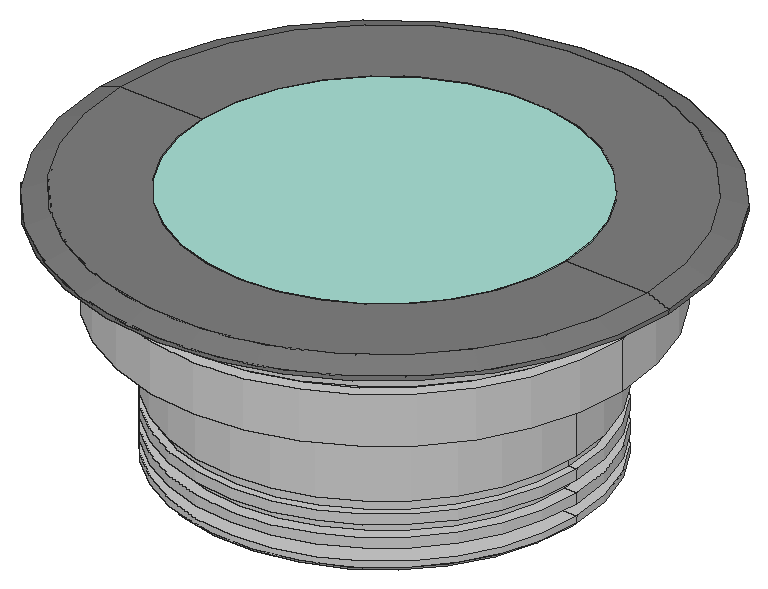
Revit family "Bright 5.F", category Lighting Fixtures, host Face, Revit 2017 (continued)
Types (16, lengths in mm): name | Wattage | Power | Photometric Web File | Optics | built-in parameter 1150142 | built-in parameter 1150105 | Lumens | built-in parameter 1150106 | Apparent Load Phase 1
    \n23.10 21.69 20.45 19.22 18.11 16.94 15.90 14.94 14.02 \r\n13.12 12.24 11.46 10.64 9.95 9.23 8.57 7.92 7.34 6.72 \r\n6.20 5.65 5.14 4.64 4.20 3.76 3.34 2.94 2.59 2.23 1.89 \r\n1.59 1.29 1.05 0.81 0.62 0.45 0.31 0.21 0.14 0.10 0.07 \r\n0.03 0.00 0.00 0.00 0.00 0.00 0.00 0.00 0.00 0.00 0.00 \r\n0.00 0.00 0.00 0.00 0.00 0.00 0.00 0.00 0.00 0.00 0.00 \r\n0.00 0.00 0.00 0.00 0.00 0.00 0.00 0.00 0.00 0.00 0.00 \r\n0.00 0.00 0.00 0.00 0.00 0.00 0.00 0.00 0.00 0.00 0.00 \r\n0.00 0.00 0.00 0.00 0.00 0.00 0.00 0.00 0.00 0.00 0.00 \r\n0.00 0.00 0.00 0.00 0.00 0.00 0.00 0.00 0.00 0.00 0.00 \r\n0.00 0.00 0.00 0.00 0.00 0.00 0.00 0.00 0.00 0.00 0.00 \r\n0.00 0.00 0.00 0.00 0.00 0.00 0.00 0.00 0.00 0.00 0.00 \r\n0.00 0.00 0.00 0.00 \r\n4408.84 4326.97 4135.36 3834.72 3457.16 3042.91 2600.55 \r\n2179.08 1773.40 1433.91 1142.26 907.01 708.10 573.14 \r\n467.88 389.75 331.52 286.94 252.10 225.53 202.84 183.87 \r\n168.37 154.18 141.46 129.38 119.38 109.80 101.19 93.16 \r\n86.08 79.47 73.80 68.21 63.51 59.31 55.29 51.78 48.64 \r\n45.75 42.98 40.33 38.02 35.79 33.68 31.75 29.93 28.24 \r\n26.58 25.05 23.60 22.20 20.89 19.63 18.40 17.29 16.22 \r\n15.19 14.20 13.24 12.35 11.45 10.63 9.86 9.10 8.40 7.73 \r\n7.10 6.48 5.88 5.30 4.79 4.26 3.79 3.33 2.90 2.50 2.13 \r\n1.77 1.45 1.15 0.90 0.68 0.49 0.35 0.23 0.15 0.10 0.07 \r\n0.03 0.00 0.00 0.00 0.00 0.00 0.00 0.00 0.00 0.00 0.00 \r\n0.00 0.00 0.00 0.00 0.00 0.00 0.00 0.00 0.00 0.00 0.00 \r\n0.00 0.00 0.00 0.00 0.00 0.00 0.00 0.00 0.00 0.00 0.00 \r\n0.00 0.00 0.00 0.00 0.00 0.00 0.00 0.00 0.00 0.00 0.00 \r\n0.00 0.00 0.00 0.00 0.00 0.00 0.00 0.00 0.00 0.00 0.00 \r\n0.00 0.00 0.00 0.00 0.00 0.00 0.00 0.00 0.00 0.00 0.00 \r\n0.00 0.00 0.00 0.00 0.00 0.00 0.00 0.00 0.00 0.00 0.00 \r\n0.00 0.00 0.00 0.00 0.00 0.00 0.00 0.00 0.00 0.00 0.00 \r\n0.00 0.00 0.00 0.00 \r\n4408.84 4341.85 4160.70 3892.27 3548.93 3165.44 2742.79 \r\n2351.21 1951.46 1624.03 1324.57 1061.32 859.75 689.50 \r\n566.96 471.63 397.91 338.54 296.54 261.55 234.74 212.03 \r\n193.28 177.10 163.44 149.81 139.00 128.71 119.18 110.29 \r\n102.15 95.06 87.94 81.86 75.97 70.81 65.78 61.35 57.34 \r\n53.70 50.25 47.17 44.23 41.53 39.04 36.72 34.45 32.46 \r\n30.49 28.63 26.96 25.29 23.78 22.31 20.91 19.60 18.38 \r\n17.15 16.08 14.96 13.96 12.90 11.98 11.12 10.22 9.43 8.67 \r\n7.93 7.24 6.54 5.90 5.32 4.72 4.19 3.67 3.20 2.75 2.33 \r\n1.93 1.58 1.24 0.97 0.74 0.53 0.37 0.25 0.16 0.10 0.07 \r\n0.03 0.00 0.00 0.00 0.00 0.00 0.00 0.00 0.00 0.00 0.00 \r\n0.00 0.00 0.00 0.00 0.00 0.00 0.00 0.00 0.00 0.00 0.00 \r\n0.00 0.00 0.00 0.00 0.00 0.00 0.00 0.00 0.00 0.00 0.00 \r\n0.00 0.00 0.00 0.00 0.00 0.00 0.00 0.00 0.00 0.00 0.00 \r\n0.00 0.00 0.00 0.00 0.00 0.00 0.00 0.00 0.00 0.00 0.00 \r\n0.00 0.00 0.00 0.00 0.00 0.00 0.00 0.00 0.00 0.00 0.00 \r\n0.00 0.00 0.00 0.00 0.00 0.00 0.00 0.00 0.00 0.00 0.00 \r\n0.00 0.00 0.00 0.00 0.00 0.00 0.00 0.00 0.00 0.00 0.00 \r\n0.00 0.00 0.00 0.00 \r\n4408.84 4341.72 4189.29 3954.85 3635.12 3288.67 2911.93 \r\n2539.19 2180.96 1836.13 1537.36 1287.61 1032.12 862.63 \r\n717.36 594.08 500.64 424.85 364.47 321.01 284.60 254.50 \r\n231.20 210.77 193.74 178.58 165.33 154.23 143.02 133.17 \r\n124.52 115.45 107.80 100.59 93.41 87.08 80.82 75.18 69.83 \r\n64.95 60.83 56.57 52.67 49.22 45.85 42.94 40.21 37.62 \r\n35.25 33.02 30.91 28.95 27.15 25.38 23.79 22.21 20.77 \r\n19.41 18.09 16.87 15.67 14.54 13.46 12.43 11.42 10.53 \r\n9.65 8.82 8.02 7.25 6.53 5.88 5.22 4.63 4.05 3.50 3.01 \r\n2.55 2.12 1.71 1.37 1.05 0.79 0.56 0.39 0.26 0.16 0.11 \r\n0.07 0.03 0.00 0.00 0.00 0.00 0.00 0.00 0.00 0.00 0.00 \r\n0.00 0.00 0.00 0.00 0.00 0.00 0.00 0.00 0.00 0.00 0.00 \r\n0.00 0.00 0.00 0.00 0.00 0.00 0.00 0.00 0.00 0.00 0.00 \r\n0.00 0.00 0.00 0.00 0.00 0.00 0.00 0.00 0.00 0.00 0.00 \r\n0.00 0.00 0.00 0.00 0.00 0.00 0.00 0.00 0.00 0.00 0.00 \r\n0.00 0.00 0.00 0.00 0.00 0.00 0.00 0.00 0.00 0.00 0.00 \r\n0.00 0.00 0.00 0.00 0.00 0.00 0.00 0.00 0.00 0.00 0.00 \r\n0.00 0.00 0.00 0.00 0.00 0.00 0.00 0.00 0.00 0.00 0.00 \r\n0.00 0.00 0.00 0.00 0.00 \r\n4408.84 4356.10 4219.91 4009.83 3734.45 3426.08 3087.95 \r\n2751.43 2398.69 2091.06 1793.14 1522.15 1289.39 1089.43 \r\n915.41 776.20 658.16 558.83 482.01 416.50 367.61 324.70 \r\n290.82 263.53 241.01 219.93 203.71 188.91 175.83 163.71 \r\n152.52 143.04 133.18 124.33 115.60 107.77 100.43 93.42 \r\n86.64 80.54 74.83 69.43 64.13 59.60 55.32 51.21 47.56 \r\n44.26 41.24 38.38 35.83 33.31 31.13 28.89 27.03 25.20 \r\n23.53 21.92 20.41 18.94 17.60 16.21 15.04 13.90 12.74 \r\n11.72 10.71 9.77 8.90 8.04 7.20 6.43 5.70 5.05 4.40 3.84 \r\n3.28 2.76 2.29 1.86 1.49 1.13 0.86 0.60 0.41 0.27 0.17 \r\n0.11 0.07 0.03 0.00 0.00 0.00 0.00 0.00 0.00 0.00 0.00 \r\n0.00 0.00 0.00 0.00 0.00 0.00 0.00 0.00 0.00 0.00 0.00 \r\n0.00 0.00 0.00 0.00 0.00 0.00 0.00 0.00 0.00 0.00 0.00 \r\n0.00 0.00 0.00 0.00 0.00 0.00 0.00 0.00 0.00 0.00 0.00 \r\n0.00 0.00 0.00 0.00 0.00 0.00 0.00 0.00 0.00 0.00 0.00 \r\n0.00 0.00 0.00 0.00 0.00 0.00 0.00 0.00 0.00 0.00 0.00 \r\n0.00 0.00 0.00 0.00 0.00 0.00 0.00 0.00 0.00 0.00 0.00 \r\n0.00 0.00 0.00 0.00 0.00 0.00 0.00 0.00 0.00 0.00 0.00 \r\n0.00 0.00 0.00 0.00 0.00 0.00 \r\n4408.84 4365.53 4242.92 4069.07 3821.67 3562.33 3247.69 \r\n2955.72 2642.30 2358.11 2077.51 1825.27 1577.26 1384.65 \r\n1195.05 1034.31 897.48 774.10 674.81 584.44 513.37 449.75 \r\n402.35 358.47 324.28 293.23 268.72 247.03 227.92 211.04 \r\n196.04 182.24 169.45 157.58 145.83 135.88 125.75 116.74 \r\n108.08 100.39 92.80 85.96 79.14 73.20 67.63 62.30 57.53 \r\n53.15 49.28 45.37 41.99 38.84 36.00 33.21 30.98 28.75 \r\n26.74 24.79 23.00 21.27 19.70 18.23 16.79 15.50 14.22 \r\n13.04 11.86 10.85 9.79 8.86 7.90 7.09 6.27 5.51 4.81 4.16 \r\n3.58 2.99 2.50 2.02 1.61 1.25 0.92 0.65 0.44 0.28 0.18 \r\n0.11 0.08 0.03 0.00 0.00 0.00 0.00 0.00 0.00 0.00 0.00 \r\n0.00 0.00 0.00 0.00 0.00 0.00 0.00 0.00 0.00 0.00 0.00 \r\n0.00 0.00 0.00 0.00 0.00 0.00 0.00 0.00 0.00 0.00 0.00 \r\n0.00 0.00 0.00 0.00 0.00 0.00 0.00 0.00 0.00 0.00 0.00 \r\n0.00 0.00 0.00 0.00 0.00 0.00 0.00 0.00 0.00 0.00 0.00 \r\n0.00 0.00 0.00 0.00 0.00 0.00 0.00 0.00 0.00 0.00 0.00 \r\n0.00 0.00 0.00 0.00 0.00 0.00 0.00 0.00 0.00 0.00 0.00 \r\n0.00 0.00 0.00 0.00 0.00 0.00 0.00 0.00 0.00 0.00 0.00 \r\n0.00 0.00 0.00 0.00 0.00 0.00 \r\n4408.84 4365.16 4265.19 4115.26 3898.68 3669.80 3419.53 \r\n3157.56 2888.05 2632.27 2385.62 2166.40 1925.27 1730.85 \r\n1551.99 1379.64 1229.02 1089.64 963.32 859.54 758.57 \r\n675.98 604.20 539.98 486.33 437.80 398.78 363.51 331.69 \r\n302.43 278.34 254.51 233.32 214.95 195.50 179.04 163.52 \r\n149.30 137.33 125.23 115.46 105.92 96.91 89.18 81.87 \r\n75.40 69.32 63.39 58.33 53.56 49.12 45.19 41.74 38.35 \r\n35.47 32.63 30.25 27.91 25.90 23.90 22.03 20.30 18.73 \r\n17.16 15.77 14.45 13.14 11.95 10.78 9.70 8.68 7.76 6.82 \r\n6.02 5.24 4.50 3.87 3.24 2.69 2.18 1.73 1.33 0.99 0.70 \r\n0.48 0.30 0.19 0.12 0.08 0.03 0.00 0.00 0.00 0.00 0.00 \r\n0.00 0.00 0.00 0.00 0.00 0.00 0.00 0.00 0.00 0.00 0.00 \r\n0.00 0.00 0.00 0.00 0.00 0.00 0.00 0.00 0.00 0.00 0.00 \r\n0.00 0.00 0.00 0.00 0.00 0.00 0.00 0.00 0.00 0.00 0.00 \r\n0.00 0.00 0.00 0.00 0.00 0.00 0.00 0.00 0.00 0.00 0.00 \r\n0.00 0.00 0.00 0.00 0.00 0.00 0.00 0.00 0.00 0.00 0.00 \r\n0.00 0.00 0.00 0.00 0.00 0.00 0.00 0.00 0.00 0.00 0.00 \r\n0.00 0.00 0.00 0.00 0.00 0.00 0.00 0.00 0.00 0.00 0.00 \r\n0.00 0.00 0.00 0.00 0.00 0.00 0.00 0.00 0.00 \r\n4408.84 4375.37 4287.50 4157.88 3983.40 3784.47 3572.40 \r\n3347.30 3130.07 2903.58 2700.91 2500.67 2299.58 2127.84 \r\n1961.37 1798.68 1654.76 1510.89 1382.83 1260.55 1151.50 \r\n1048.51 959.93 878.73 806.25 734.62 673.48 620.46 569.54 \r\n519.99 477.15 432.87 391.71 351.52 311.22 274.69 241.96 \r\n212.71 187.69 166.39 148.65 133.72 119.83 108.57 98.53 \r\n89.77 82.05 74.76 68.36 62.56 57.16 52.28 47.92 43.87 \r\n40.29 36.98 34.07 31.38 28.89 26.65 24.56 22.53 20.71 \r\n19.04 17.35 15.91 14.43 13.14 11.88 10.67 9.49 8.47 7.48 \r\n6.60 5.71 4.93 4.21 3.52 2.92 2.36 1.87 1.45 1.07 0.75 \r\n0.50 0.32 0.20 0.13 0.08 0.03 0.00 0.00 0.00 0.00 0.00 \r\n0.00 0.00 0.00 0.00 0.00 0.00 0.00 0.00 0.00 0.00 0.00 \r\n0.00 0.00 0.00 0.00 0.00 0.00 0.00 0.00 0.00 0.00 0.00 \r\n0.00 0.00 0.00 0.00 0.00 0.00 0.00 0.00 0.00 0.00 0.00 \r\n0.00 0.00 0.00 0.00 0.00 0.00 0.00 0.00 0.00 0.00 0.00 \r\n0.00 0.00 0.00 0.00 0.00 0.00 0.00 0.00 0.00 0.00 0.00 \r\n0.00 0.00 0.00 0.00 0.00 0.00 0.00 0.00 0.00 0.00 0.00 \r\n0.00 0.00 0.00 0.00 0.00 0.00 0.00 0.00 0.00 0.00 0.00 \r\n0.00 0.00 0.00 0.00 0.00 0.00 0.00 0.00 0.00 \r\n4408.84 4380.31 4305.19 4195.52 4036.32 3878.04 3698.78 \r\n3508.69 3318.67 3141.59 2979.52 2822.96 2666.80 2519.60 \r\n2383.61 2247.92 2128.64 2004.61 1888.46 1780.67 1674.26 \r\n1577.31 1488.92 1403.85 1329.30 1251.58 1184.81 1121.05 \r\n1053.15 987.61 923.57 848.49 768.07 684.26 589.33 508.12 \r\n423.10 354.46 294.30 245.05 206.98 178.70 153.96 135.69 \r\n119.51 107.14 96.75 86.90 79.20 72.42 65.63 59.78 54.57 \r\n49.75 45.73 41.70 38.16 35.14 32.20 29.67 27.26 24.92 \r\n22.99 21.02 19.23 17.53 15.85 14.43 13.07 11.78 10.49 \r\n9.30 8.21 7.24 6.22 5.40 4.63 3.85 3.19 2.57 2.03 1.56 \r\n1.15 0.81 0.53 0.34 0.21 0.13 0.08 0.03 0.01 0.00 0.00 \r\n0.00 0.00 0.00 0.00 0.00 0.00 0.00 0.00 0.00 0.00 0.00 \r\n0.00 0.00 0.00 0.00 0.00 0.00 0.00 0.00 0.00 0.00 0.00 \r\n0.00 0.00 0.00 0.00 0.00 0.00 0.00 0.00 0.00 0.00 0.00 \r\n0.00 0.00 0.00 0.00 0.00 0.00 0.00 0.00 0.00 0.00 0.00 \r\n0.00 0.00 0.00 0.00 0.00 0.00 0.00 0.00 0.00 0.00 0.00 \r\n0.00 0.00 0.00 0.00 0.00 0.00 0.00 0.00 0.00 0.00 0.00 \r\n0.00 0.00 0.00 0.00 0.00 0.00 0.00 0.00 0.00 0.00 0.00 \r\n0.00 0.00 0.00 0.00 0.00 0.00 0.00 0.00 0.00 0.00 0.00 \r\n4408.84 4382.08 4316.56 4216.07 4084.45 3942.46 3788.52 \r\n3638.85 3480.17 3337.54 3207.72 3087.02 2966.46 2861.95 \r\n2762.03 2667.45 2575.63 2482.40 2397.90 2317.76 2242.81 \r\n2169.09 2108.55 2050.34 1998.37 1949.62 1903.77 1861.48 \r\n1811.33 1750.28 1677.20 1575.33 1457.68 1298.13 1138.57 \r\n956.46 786.91 628.92 498.20 393.85 313.33 249.71 205.56 \r\n172.67 148.78 130.33 115.41 103.30 93.33 84.66 77.13 \r\n69.98 64.03 58.27 53.47 48.72 44.69 41.01 37.74 34.69 \r\n31.75 29.13 26.70 24.57 22.48 20.54 18.61 16.90 15.27 \r\n13.77 12.30 10.92 9.61 8.48 7.38 6.33 5.41 4.51 3.72 3.00 \r\n2.33 1.77 1.31 0.91 0.60 0.38 0.23 0.14 0.09 0.04 0.01 \r\n0.00 0.00 0.00 0.00 0.00 0.00 0.00 0.00 0.00 0.00 0.00 \r\n0.00 0.00 0.00 0.00 0.00 0.00 0.00 0.00 0.00 0.00 0.00 \r\n0.00 0.00 0.00 0.00 0.00 0.00 0.00 0.00 0.00 0.00 0.00 \r\n0.00 0.00 0.00 0.00 0.00 0.00 0.00 0.00 0.00 0.00 0.00 \r\n0.00 0.00 0.00 0.00 0.00 0.00 0.00 0.00 0.00 0.00 0.00 \r\n0.00 0.00 0.00 0.00 0.00 0.00 0.00 0.00 0.00 0.00 0.00 \r\n0.00 0.00 0.00 0.00 0.00 0.00 0.00 0.00 0.00 0.00 0.00 \r\n0.00 0.00 0.00 0.00 0.00 0.00 0.00 0.00 0.00 0.00 0.00 \r\n0.00 0.00 \r\n4408.84 4385.22 4325.29 4236.34 4113.76 3989.08 3853.19 \r\n3715.11 3580.35 3461.01 3351.25 3258.85 3168.27 3094.18 \r\n3020.98 2957.26 2895.81 2837.41 2784.45 2733.48 2691.02 \r\n2656.38 2629.28 2608.38 2596.85 2587.17 2581.84 2574.56 \r\n2557.73 2521.56 2452.87 2351.30 2186.24 1991.78 1741.31 \r\n1482.78 1207.75 970.96 743.75 576.28 435.71 337.63 261.76 \r\n214.35 179.25 154.68 136.17 121.72 110.35 100.04 91.87 \r\n83.84 77.24 70.64 65.27 59.90 55.57 51.13 47.27 43.56 \r\n40.34 37.17 34.42 31.85 29.36 27.20 24.71 22.58 20.51 \r\n18.57 16.63 14.85 13.17 11.63 10.16 8.79 7.52 6.26 5.15 \r\n4.11 3.21 2.38 1.77 1.18 0.79 0.46 0.26 0.15 0.09 0.03 \r\n0.01 0.00 0.00 0.00 0.00 0.00 0.00 0.00 0.00 0.00 0.00 \r\n0.00 0.00 0.00 0.00 0.00 0.00 0.00 0.00 0.00 0.00 0.00 \r\n0.00 0.00 0.00 0.00 0.00 0.00 0.00 0.00 0.00 0.00 0.00 \r\n0.00 0.00 0.00 0.00 0.00 0.00 0.00 0.00 0.00 0.00 0.00 \r\n0.00 0.00 0.00 0.00 0.00 0.00 0.00 0.00 0.00 0.00 0.00 \r\n0.00 0.00 0.00 0.00 0.00 0.00 0.00 0.00 0.00 0.00 0.00 \r\n0.00 0.00 0.00 0.00 0.00 0.00 0.00 0.00 0.00 0.00 0.00 \r\n0.00 0.00 0.00 0.00 0.00 0.00 0.00 0.00 0.00 0.00 0.00 \r\n0.00 0.00 0.00 \r\n4408.84 4385.06 4331.35 4242.57 4123.81 3999.47 3871.57 \r\n3747.59 3625.60 3506.57 3409.85 3327.20 3239.20 3178.55 \r\n3121.55 3063.23 3014.10 2968.85 2927.98 2888.66 2859.13 \r\n2841.32 2831.54 2827.72 2832.27 2844.91 2862.39 2878.58 \r\n2885.68 2862.29 2819.26 2703.17 2543.96 2313.53 2030.26 \r\n1724.62 1428.29 1122.19 855.96 643.84 488.04 377.46 \r\n289.57 231.93 194.61 165.30 147.10 130.96 118.75 108.46 \r\n99.24 91.55 84.59 77.97 72.43 66.96 62.16 57.93 53.34 \r\n49.50 46.24 42.76 39.86 37.01 34.30 32.04 29.24 26.78 \r\n24.49 22.19 20.08 17.86 16.04 14.27 12.41 10.75 9.32 7.73 \r\n6.30 5.03 3.91 2.94 2.12 1.44 0.93 0.54 0.29 0.15 0.09 \r\n0.03 0.01 0.00 0.00 0.00 0.00 0.00 0.00 0.00 0.00 0.00 \r\n0.00 0.00 0.00 0.00 0.00 0.00 0.00 0.00 0.00 0.00 0.00 \r\n0.00 0.00 0.00 0.00 0.00 0.00 0.00 0.00 0.00 0.00 0.00 \r\n0.00 0.00 0.00 0.00 0.00 0.00 0.00 0.00 0.00 0.00 0.00 \r\n0.00 0.00 0.00 0.00 0.00 0.00 0.00 0.00 0.00 0.00 0.00 \r\n0.00 0.00 0.00 0.00 0.00 0.00 0.00 0.00 0.00 0.00 0.00 \r\n0.00 0.00 0.00 0.00 0.00 0.00 0.00 0.00 0.00 0.00 0.00 \r\n0.00 0.00 0.00 0.00 0.00 0.00 0.00 0.00 0.00 0.00 0.00 \r\n0.00 0.00 0.00 0.00 \r\n4408.84 4385.22 4325.29 4236.34 4113.76 3989.08 3853.19 \r\n3715.11 3580.35 3461.01 3351.25 3258.85 3168.27 3094.18 \r\n3020.98 2957.26 2895.81 2837.41 2784.45 2733.48 2691.02 \r\n2656.38 2629.28 2608.38 2596.85 2587.17 2581.84 2574.56 \r\n2557.73 2521.56 2452.87 2351.30 2186.24 1991.78 1741.31 \r\n1482.78 1207.75 970.96 743.75 576.28 435.71 337.63 261.76 \r\n214.35 179.25 154.68 136.17 121.72 110.35 100.04 91.87 \r\n83.84 77.24 70.64 65.27 59.90 55.57 51.13 47.27 43.56 \r\n40.34 37.17 34.42 31.85 29.36 27.20 24.71 22.58 20.51 \r\n18.57 16.63 14.85 13.17 11.63 10.16 8.79 7.52 6.26 5.15 \r\n4.11 3.21 2.38 1.77 1.18 0.79 0.46 0.26 0.15 0.09 0.03 \r\n0.01 0.00 0.00 0.00 0.00 0.00 0.00 0.00 0.00 0.00 0.00 \r\n0.00 0.00 0.00 0.00 0.00 0.00 0.00 0.00 0.00 0.00 0.00 \r\n0.00 0.00 0.00 0.00 0.00 0.00 0.00 0.00 0.00 0.00 0.00 \r\n0.00 0.00 0.00 0.00 0.00 0.00 0.00 0.00 0.00 0.00 0.00 \r\n0.00 0.00 0.00 0.00 0.00 0.00 0.00 0.00 0.00 0.00 0.00 \r\n0.00 0.00 0.00 0.00 0.00 0.00 0.00 0.00 0.00 0.00 0.00 \r\n0.00 0.00 0.00 0.00 0.00 0.00 0.00 0.00 0.00 0.00 0.00 \r\n0.00 0.00 0.00 0.00 0.00 0.00 0.00 0.00 0.00 0.00 0.00 \r\n0.00 0.00 0.00 \r\n4408.84 4382.08 4316.56 4216.07 4084.45 3942.46 3788.52 \r\n3638.85 3480.17 3337.54 3207.72 3087.02 2966.46 2861.95 \r\n2762.03 2667.45 2575.63 2482.40 2397.90 2317.76 2242.81 \r\n2169.09 2108.55 2050.34 1998.37 1949.62 1903.77 1861.48 \r\n1811.33 1750.28 1677.20 1575.33 1457.68 1298.13 1138.57 \r\n956.46 786.91 628.92 498.20 393.85 313.33 249.71 205.56 \r\n172.67 148.78 130.33 115.41 103.30 93.33 84.66 77.13 \r\n69.98 64.03 58.27 53.47 48.72 44.69 41.01 37.74 34.69 \r\n31.75 29.13 26.70 24.57 22.48 20.54 18.61 16.90 15.27 \r\n13.77 12.30 10.92 9.61 8.48 7.38 6.33 5.41 4.51 3.72 3.00 \r\n2.33 1.77 1.31 0.91 0.60 0.38 0.23 0.14 0.09 0.04 0.01 \r\n0.00 0.00 0.00 0.00 0.00 0.00 0.00 0.00 0.00 0.00 0.00 \r\n0.00 0.00 0.00 0.00 0.00 0.00 0.00 0.00 0.00 0.00 0.00 \r\n0.00 0.00 0.00 0.00 0.00 0.00 0.00 0.00 0.00 0.00 0.00 \r\n0.00 0.00 0.00 0.00 0.00 0.00 0.00 0.00 0.00 0.00 0.00 \r\n0.00 0.00 0.00 0.00 0.00 0.00 0.00 0.00 0.00 0.00 0.00 \r\n0.00 0.00 0.00 0.00 0.00 0.00 0.00 0.00 0.00 0.00 0.00 \r\n0.00 0.00 0.00 0.00 0.00 0.00 0.00 0.00 0.00 0.00 0.00 \r\n0.00 0.00 0.00 0.00 0.00 0.00 0.00 0.00 0.00 0.00 0.00 \r\n0.00 0.00 \r\n4408.84 4380.31 4305.19 4195.52 4036.32 3878.04 3698.78 \r\n3508.69 3318.67 3141.59 2979.52 2822.96 2666.80 2519.60 \r\n2383.61 2247.92 2128.64 2004.61 1888.46 1780.67 1674.26 \r\n1577.31 1488.92 1403.85 1329.30 1251.58 1184.81 1121.05 \r\n1053.15 987.61 923.57 848.49 768.07 684.26 589.33 508.12 \r\n423.10 354.46 294.30 245.05 206.98 178.70 153.96 135.69 \r\n119.51 107.14 96.75 86.90 79.20 72.42 65.63 59.78 54.57 \r\n49.75 45.73 41.70 38.16 35.14 32.20 29.67 27.26 24.92 \r\n22.99 21.02 19.23 17.53 15.85 14.43 13.07 11.78 10.49 \r\n9.30 8.21 7.24 6.22 5.40 4.63 3.85 3.19 2.57 2.03 1.56 \r\n1.15 0.81 0.53 0.34 0.21 0.13 0.08 0.03 0.01 0.00 0.00 \r\n0.00 0.00 0.00 0.00 0.00 0.00 0.00 0.00 0.00 0.00 0.00 \r\n0.00 0.00 0.00 0.00 0.00 0.00 0.00 0.00 0.00 0.00 0.00 \r\n0.00 0.00 0.00 0.00 0.00 0.00 0.00 0.00 0.00 0.00 0.00 \r\n0.00 0.00 0.00 0.00 0.00 0.00 0.00 0.00 0.00 0.00 0.00 \r\n0.00 0.00 0.00 0.00 0.00 0.00 0.00 0.00 0.00 0.00 0.00 \r\n0.00 0.00 0.00 0.00 0.00 0.00 0.00 0.00 0.00 0.00 0.00 \r\n0.00 0.00 0.00 0.00 0.00 0.00 0.00 0.00 0.00 0.00 0.00 \r\n0.00 0.00 0.00 0.00 0.00 0.00 0.00 0.00 0.00 0.00 0.00 \r\n4408.84 4375.37 4287.50 4157.88 3983.40 3784.47 3572.40 \r\n3347.30 3130.07 2903.58 2700.91 2500.67 2299.58 2127.84 \r\n1961.37 1798.68 1654.76 1510.89 1382.83 1260.5
